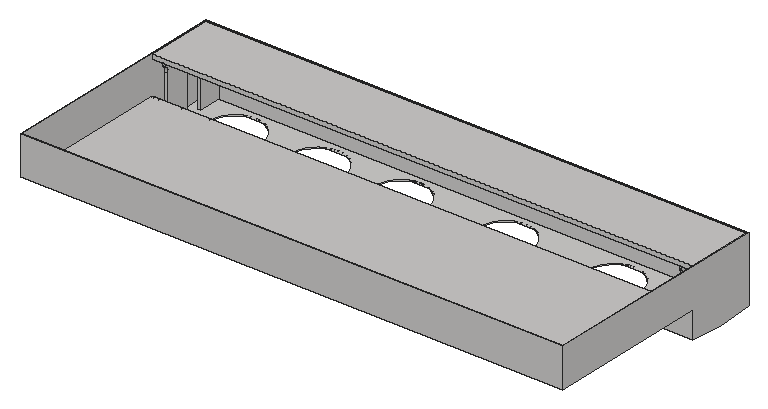
Revit family "PF_ST_RainTrak-E_ACO_2022", category Plumbing Fixtures, Revit 2022
Family settings
  Round Connector Dimension = Use Diameter
  Part Type = Normal
  OmniClass Number = 23.70.50.24
  OmniClass Title = Rainwater Removal
  Work Plane-Based = Yes
  Always vertical = No
  Cut with Voids When Loaded = Yes
  Maintain Annotation Orientation = No
  Shared = No
  Room Calculation Point = No
Parameters (values of type "RainTrak-E-123mm width")
  width_C_ANZRS [instance] = if(type_index = 1, 75 mm, if(type_index = 2, 100 mm, if(type_index = 3, 123 mm, 0 mm)))  # 123 mm
  type_index = 3
  sill_depth01 [instance] = depth_01_C_ANZRS - channel_depth - 5.3 mm  # 65 mm
  sill_depth [instance] = 70 mm
  region_index = 1  # constant formula
  product_index [instance] = size_lookup(lookup_table_name, "pi", 0, type_index, grating_index)  # 6
  product_assortment_C_ANZRS [instance] = "RainTrak"  # constant formula
  outlet_number [instance] = 5
  outlet_dia [instance] = 150 mm
  min_end_dist [instance] = length_01_C_ANZRS - diameter_calculated  # 898.4 mm
  material_C_ANZRS [instance] = Steel, Stainless
  lookup_table_name [instance] = "RainTrak E"  # constant formula
  length_01_C_ANZRS [instance] = channel_length  # 1000 mm
  gratings [instance] = gratings_RainTrak E : Affiner_grating
  grating_length [instance] = channel_length - 3 mm  # 997 mm
  grating_index [instance] = if(gratings = gm_type1, 1, if(gratings = gm_type2, 2, 0))  # 2
  gm_type2 [instance] = gratings_RainTrak E : Affiner_grating
  gm_type1 [instance] = gratings_RainTrak E : Linéaire_grating
  e-mail sales = "sales@acoaus.com.au"
  e-mail Technical = "sales@acoaus.com.au"
  drain_position_calculated_9 [instance] = if(or(outlet_number = 9, outlet_number > 9), (if(or(drain_position_9 < 0 mm, drain_position_9 = 0 mm), (drain_position_calculated_8 + (1.5 * diameter_calculated)), if(and(drain_position_9 > 0 mm, drain_position_9 < (drain_position_calculated_8 + (1.5 * diameter_calculated)) + 0.1 mm), (drain_position_calculated_8 + (1.5 * diameter_calculated)), if(and(drain_position_9 > (drain_position_calculated_8 + (1.5 * diameter_calculated)), drain_position_9 < min_end_dist + 0.1 mm), drain_position_9, if(and(drain_position_9 > (drain_position_calculated_8 + (1.5 * diameter_calculated)), drain_position_9 < length_01_C_ANZRS), min_end_dist, (if(or(drain_position_9 > length_01_C_ANZRS, drain_position_9 = length_01_C_ANZRS), min_end_dist, drain_position_9 - diameter_calculated))))))), length_01_C_ANZRS + 100 mm)  # 1100 mm
  drain_position_calculated_8 [instance] = if(or(outlet_number = 8, outlet_number > 8), (if(or(drain_position_8 < 0 mm, drain_position_8 = 0 mm), (drain_position_calculated_7 + (1.5 * diameter_calculated)), if(and(drain_position_8 > 0 mm, drain_position_8 < (drain_position_calculated_7 + (1.5 * diameter_calculated)) + 0.1 mm), (drain_position_calculated_7 + (1.5 * diameter_calculated)), if(and(drain_position_8 > (drain_position_calculated_7 + (1.5 * diameter_calculated)), drain_position_8 < min_end_dist + 0.1 mm), drain_position_8, if(and(drain_position_8 > (drain_position_calculated_7 + (1.5 * diameter_calculated)), drain_position_8 < length_01_C_ANZRS), min_end_dist, (if(or(drain_position_8 > length_01_C_ANZRS, drain_position_8 = length_01_C_ANZRS), min_end_dist, drain_position_8 - diameter_calculated))))))), length_01_C_ANZRS + 100 mm)  # 1100 mm
  drain_position_calculated_7 [instance] = if(or(outlet_number = 7, outlet_number > 7), (if(or(drain_position_7 < 0 mm, drain_position_7 = 0 mm), (drain_position_calculated_6 + (1.5 * diameter_calculated)), if(and(drain_position_7 > 0 mm, drain_position_7 < (drain_position_calculated_6 + (1.5 * diameter_calculated)) + 0.1 mm), (drain_position_calculated_6 + (1.5 * diameter_calculated)), if(and(drain_position_7 > (drain_position_calculated_6 + (1.5 * diameter_calculated)), drain_position_7 < min_end_dist + 0.1 mm), drain_position_7, if(and(drain_position_7 > (drain_position_calculated_6 + (1.5 * diameter_calculated)), drain_position_7 < length_01_C_ANZRS), min_end_dist, (if(or(drain_position_7 > length_01_C_ANZRS, drain_position_7 = length_01_C_ANZRS), min_end_dist, drain_position_7 - diameter_calculated))))))), length_01_C_ANZRS + 100 mm)  # 1100 mm
  drain_position_calculated_6 [instance] = if(or(outlet_number = 6, outlet_number > 6), (if(or(drain_position_6 < 0 mm, drain_position_6 = 0 mm), (drain_position_calculated_5 + (1.5 * diameter_calculated)), if(and(drain_position_6 > 0 mm, drain_position_6 < (drain_position_calculated_5 + (1.5 * diameter_calculated)) + 0.1 mm), (drain_position_calculated_5 + (1.5 * diameter_calculated)), if(and(drain_position_6 > (drain_position_calculated_5 + (1.5 * diameter_calculated)), drain_position_6 < min_end_dist + 0.1 mm), drain_position_6, if(and(drain_position_6 > (drain_position_calculated_5 + (1.5 * diameter_calculated)), drain_position_6 < length_01_C_ANZRS), min_end_dist, (if(or(drain_position_6 > length_01_C_ANZRS, drain_position_6 = length_01_C_ANZRS), min_end_dist, drain_position_6 - diameter_calculated))))))), length_01_C_ANZRS + 100 mm)  # 1100 mm
  drain_position_calculated_5 [instance] = if(or(outlet_number = 5, outlet_number > 5), (if(or(drain_position_5 < 0 mm, drain_position_5 = 0 mm), (drain_position_calculated_4 + (1.5 * diameter_calculated)), if(and(drain_position_5 > 0 mm, drain_position_5 < (drain_position_calculated_4 + (1.5 * diameter_calculated)) + 0.1 mm), (drain_position_calculated_4 + (1.5 * diameter_calculated)), if(and(drain_position_5 > (drain_position_calculated_4 + (1.5 * diameter_calculated)), drain_position_5 < min_end_dist + 0.1 mm), drain_position_5, if(and(drain_position_5 > (drain_position_calculated_4 + (1.5 * diameter_calculated)), drain_position_5 < length_01_C_ANZRS), min_end_dist, (if(or(drain_position_5 > length_01_C_ANZRS, drain_position_5 = length_01_C_ANZRS), min_end_dist, drain_position_5 - diameter_calculated))))))), length_01_C_ANZRS + 100 mm)  # 800 mm
  drain_position_calculated_4 [instance] = if(or(outlet_number = 4, outlet_number > 4), (if(or(drain_position_4 < 0 mm, drain_position_4 = 0 mm), (drain_position_calculated_3 + (1.5 * diameter_calculated)), if(and(drain_position_4 > 0 mm, drain_position_4 < (drain_position_calculated_3 + (1.5 * diameter_calculated)) + 0.1 mm), (drain_position_calculated_3 + (1.5 * diameter_calculated)), if(and(drain_position_4 > (drain_position_calculated_3 + (1.5 * diameter_calculated)), drain_position_4 < min_end_dist + 0.1 mm), drain_position_4, if(and(drain_position_4 > (drain_position_calculated_3 + (1.5 * diameter_calculated)), drain_position_4 < length_01_C_ANZRS), min_end_dist, (if(or(drain_position_4 > length_01_C_ANZRS, drain_position_4 = length_01_C_ANZRS), min_end_dist, drain_position_4 - diameter_calculated))))))), length_01_C_ANZRS + 100 mm)  # 600 mm
  drain_position_calculated_30 [instance] = if(or(outlet_number = 30, outlet_number > 30), (if(or(drain_position_30 < 0 mm, drain_position_30 = 0 mm), (drain_position_calculated_29 + (1.5 * diameter_calculated)), if(and(drain_position_30 > 0 mm, drain_position_30 < (drain_position_calculated_29 + (1.5 * diameter_calculated)) + 0.1 mm), (drain_position_calculated_29 + (1.5 * diameter_calculated)), if(and(drain_position_30 > (drain_position_calculated_29 + (1.5 * diameter_calculated)), drain_position_30 < min_end_dist + 0.1 mm), drain_position_30, if(and(drain_position_30 > (drain_position_calculated_29 + (1.5 * diameter_calculated)), drain_position_30 < length_01_C_ANZRS), min_end_dist, (if(or(drain_position_30 > length_01_C_ANZRS, drain_position_30 = length_01_C_ANZRS), min_end_dist, drain_position_30 - diameter_calculated))))))), length_01_C_ANZRS + 100 mm)  # 1100 mm
  drain_position_calculated_3 [instance] = if(or(outlet_number = 3, outlet_number > 3), (if(or(drain_position_3 < 0 mm, drain_position_3 = 0 mm), (drain_position_calculated_2 + (1.5 * diameter_calculated)), if(and(drain_position_3 > 0 mm, drain_position_3 < (drain_position_calculated_2 + (1.5 * diameter_calculated)) + 0.1 mm), (drain_position_calculated_2 + (1.5 * diameter_calculated)), if(and(drain_position_3 > (drain_position_calculated_2 + (1.5 * diameter_calculated)), drain_position_3 < min_end_dist + 0.1 mm), drain_position_3, if(and(drain_position_3 > (drain_position_calculated_2 + (1.5 * diameter_calculated)), drain_position_3 < length_01_C_ANZRS), min_end_dist, (if(or(drain_position_3 > length_01_C_ANZRS, drain_position_3 = length_01_C_ANZRS), min_end_dist, drain_position_3 - diameter_calculated))))))), length_01_C_ANZRS + 100 mm)  # 406.4 mm
  drain_position_calculated_29 [instance] = if(or(outlet_number = 29, outlet_number > 29), (if(or(drain_position_29 < 0 mm, drain_position_29 = 0 mm), (drain_position_calculated_28 + (1.5 * diameter_calculated)), if(and(drain_position_29 > 0 mm, drain_position_29 < (drain_position_calculated_28 + (1.5 * diameter_calculated)) + 0.1 mm), (drain_position_calculated_28 + (1.5 * diameter_calculated)), if(and(drain_position_29 > (drain_position_calculated_28 + (1.5 * diameter_calculated)), drain_position_29 < min_end_dist + 0.1 mm), drain_position_29, if(and(drain_position_29 > (drain_position_calculated_28 + (1.5 * diameter_calculated)), drain_position_29 < length_01_C_ANZRS), min_end_dist, (if(or(drain_position_29 > length_01_C_ANZRS, drain_position_29 = length_01_C_ANZRS), min_end_dist, drain_position_29 - diameter_calculated))))))), length_01_C_ANZRS + 100 mm)  # 1100 mm
  drain_position_calculated_28 [instance] = if(or(outlet_number = 28, outlet_number > 28), (if(or(drain_position_28 < 0 mm, drain_position_28 = 0 mm), (drain_position_calculated_27 + (1.5 * diameter_calculated)), if(and(drain_position_28 > 0 mm, drain_position_28 < (drain_position_calculated_27 + (1.5 * diameter_calculated)) + 0.1 mm), (drain_position_calculated_27 + (1.5 * diameter_calculated)), if(and(drain_position_28 > (drain_position_calculated_27 + (1.5 * diameter_calculated)), drain_position_28 < min_end_dist + 0.1 mm), drain_position_28, if(and(drain_position_28 > (drain_position_calculated_27 + (1.5 * diameter_calculated)), drain_position_28 < length_01_C_ANZRS), min_end_dist, (if(or(drain_position_28 > length_01_C_ANZRS, drain_position_28 = length_01_C_ANZRS), min_end_dist, drain_position_28 - diameter_calculated))))))), length_01_C_ANZRS + 100 mm)  # 1100 mm
  drain_position_calculated_27 [instance] = if(or(outlet_number = 27, outlet_number > 27), (if(or(drain_position_27 < 0 mm, drain_position_27 = 0 mm), (drain_position_calculated_26 + (1.5 * diameter_calculated)), if(and(drain_position_27 > 0 mm, drain_position_27 < (drain_position_calculated_26 + (1.5 * diameter_calculated)) + 0.1 mm), (drain_position_calculated_26 + (1.5 * diameter_calculated)), if(and(drain_position_27 > (drain_position_calculated_26 + (1.5 * diameter_calculated)), drain_position_27 < min_end_dist + 0.1 mm), drain_position_27, if(and(drain_position_27 > (drain_position_calculated_26 + (1.5 * diameter_calculated)), drain_position_27 < length_01_C_ANZRS), min_end_dist, (if(or(drain_position_27 > length_01_C_ANZRS, drain_position_27 = length_01_C_ANZRS), min_end_dist, drain_position_27 - diameter_calculated))))))), length_01_C_ANZRS + 100 mm)  # 1100 mm
  drain_position_calculated_26 [instance] = if(or(outlet_number = 26, outlet_number > 26), (if(or(drain_position_26 < 0 mm, drain_position_26 = 0 mm), (drain_position_calculated_25 + (1.5 * diameter_calculated)), if(and(drain_position_26 > 0 mm, drain_position_26 < (drain_position_calculated_25 + (1.5 * diameter_calculated)) + 0.1 mm), (drain_position_calculated_25 + (1.5 * diameter_calculated)), if(and(drain_position_26 > (drain_position_calculated_25 + (1.5 * diameter_calculated)), drain_position_26 < min_end_dist + 0.1 mm), drain_position_26, if(and(drain_position_26 > (drain_position_calculated_25 + (1.5 * diameter_calculated)), drain_position_26 < length_01_C_ANZRS), min_end_dist, (if(or(drain_position_26 > length_01_C_ANZRS, drain_position_26 = length_01_C_ANZRS), min_end_dist, drain_position_26 - diameter_calculated))))))), length_01_C_ANZRS + 100 mm)  # 1100 mm
  drain_position_calculated_25 [instance] = if(or(outlet_number = 25, outlet_number > 25), (if(or(drain_position_25 < 0 mm, drain_position_25 = 0 mm), (drain_position_calculated_24 + (1.5 * diameter_calculated)), if(and(drain_position_25 > 0 mm, drain_position_25 < (drain_position_calculated_24 + (1.5 * diameter_calculated)) + 0.1 mm), (drain_position_calculated_24 + (1.5 * diameter_calculated)), if(and(drain_position_25 > (drain_position_calculated_24 + (1.5 * diameter_calculated)), drain_position_25 < min_end_dist + 0.1 mm), drain_position_25, if(and(drain_position_25 > (drain_position_calculated_24 + (1.5 * diameter_calculated)), drain_position_25 < length_01_C_ANZRS), min_end_dist, (if(or(drain_position_25 > length_01_C_ANZRS, drain_position_25 = length_01_C_ANZRS), min_end_dist, drain_position_25 - diameter_calculated))))))), length_01_C_ANZRS + 100 mm)  # 1100 mm
  drain_position_calculated_24 [instance] = if(or(outlet_number = 24, outlet_number > 24), (if(or(drain_position_24 < 0 mm, drain_position_24 = 0 mm), (drain_position_calculated_23 + (1.5 * diameter_calculated)), if(and(drain_position_24 > 0 mm, drain_position_24 < (drain_position_calculated_23 + (1.5 * diameter_calculated)) + 0.1 mm), (drain_position_calculated_23 + (1.5 * diameter_calculated)), if(and(drain_position_24 > (drain_position_calculated_23 + (1.5 * diameter_calculated)), drain_position_24 < min_end_dist + 0.1 mm), drain_position_24, if(and(drain_position_24 > (drain_position_calculated_23 + (1.5 * diameter_calculated)), drain_position_24 < length_01_C_ANZRS), min_end_dist, (if(or(drain_position_24 > length_01_C_ANZRS, drain_position_24 = length_01_C_ANZRS), min_end_dist, drain_position_24 - diameter_calculated))))))), length_01_C_ANZRS + 100 mm)  # 1100 mm
  drain_position_calculated_23 [instance] = if(or(outlet_number = 23, outlet_number > 23), (if(or(drain_position_23 < 0 mm, drain_position_23 = 0 mm), (drain_position_calculated_22 + (1.5 * diameter_calculated)), if(and(drain_position_23 > 0 mm, drain_position_23 < (drain_position_calculated_22 + (1.5 * diameter_calculated)) + 0.1 mm), (drain_position_calculated_22 + (1.5 * diameter_calculated)), if(and(drain_position_23 > (drain_position_calculated_22 + (1.5 * diameter_calculated)), drain_position_23 < min_end_dist + 0.1 mm), drain_position_23, if(and(drain_position_23 > (drain_position_calculated_22 + (1.5 * diameter_calculated)), drain_position_23 < length_01_C_ANZRS), min_end_dist, (if(or(drain_position_23 > length_01_C_ANZRS, drain_position_23 = length_01_C_ANZRS), min_end_dist, drain_position_23 - diameter_calculated))))))), length_01_C_ANZRS + 100 mm)  # 1100 mm
  drain_position_calculated_22 [instance] = if(or(outlet_number = 22, outlet_number > 22), (if(or(drain_position_22 < 0 mm, drain_position_22 = 0 mm), (drain_position_calculated_21 + (1.5 * diameter_calculated)), if(and(drain_position_22 > 0 mm, drain_position_22 < (drain_position_calculated_21 + (1.5 * diameter_calculated)) + 0.1 mm), (drain_position_calculated_21 + (1.5 * diameter_calculated)), if(and(drain_position_22 > (drain_position_calculated_21 + (1.5 * diameter_calculated)), drain_position_22 < min_end_dist + 0.1 mm), drain_position_22, if(and(drain_position_22 > (drain_position_calculated_21 + (1.5 * diameter_calculated)), drain_position_22 < length_01_C_ANZRS), min_end_dist, (if(or(drain_position_22 > length_01_C_ANZRS, drain_position_22 = length_01_C_ANZRS), min_end_dist, drain_position_22 - diameter_calculated))))))), length_01_C_ANZRS + 100 mm)  # 1100 mm
  drain_position_calculated_21 [instance] = if(or(outlet_number = 21, outlet_number > 21), (if(or(drain_position_21 < 0 mm, drain_position_21 = 0 mm), (drain_position_calculated_20 + (1.5 * diameter_calculated)), if(and(drain_position_21 > 0 mm, drain_position_21 < (drain_position_calculated_20 + (1.5 * diameter_calculated)) + 0.1 mm), (drain_position_calculated_20 + (1.5 * diameter_calculated)), if(and(drain_position_21 > (drain_position_calculated_20 + (1.5 * diameter_calculated)), drain_position_21 < min_end_dist + 0.1 mm), drain_position_21, if(and(drain_position_21 > (drain_position_calculated_20 + (1.5 * diameter_calculated)), drain_position_21 < length_01_C_ANZRS), min_end_dist, (if(or(drain_position_21 > length_01_C_ANZRS, drain_position_21 = length_01_C_ANZRS), min_end_dist, drain_position_21 - diameter_calculated))))))), length_01_C_ANZRS + 100 mm)  # 1100 mm
  drain_position_calculated_20 [instance] = if(or(outlet_number = 20, outlet_number > 20), (if(or(drain_position_20 < 0 mm, drain_position_20 = 0 mm), (drain_position_calculated_19 + (1.5 * diameter_calculated)), if(and(drain_position_20 > 0 mm, drain_position_20 < (drain_position_calculated_19 + (1.5 * diameter_calculated)) + 0.1 mm), (drain_position_calculated_19 + (1.5 * diameter_calculated)), if(and(drain_position_20 > (drain_position_calculated_19 + (1.5 * diameter_calculated)), drain_position_20 < min_end_dist + 0.1 mm), drain_position_20, if(and(drain_position_20 > (drain_position_calculated_19 + (1.5 * diameter_calculated)), drain_position_20 < length_01_C_ANZRS), min_end_dist, (if(or(drain_position_20 > length_01_C_ANZRS, drain_position_20 = length_01_C_ANZRS), min_end_dist, drain_position_20 - diameter_calculated))))))), length_01_C_ANZRS + 100 mm)  # 1100 mm
  drain_position_calculated_2 [instance] = if(or(outlet_number = 2, outlet_number > 2), (if(or(drain_position_2 < 0 mm, drain_position_2 = 0 mm), (drain_position_calculated_1 + (1.5 * diameter_calculated)), if(and(drain_position_2 > 0 mm, drain_position_2 < (drain_position_calculated_1 + (1.5 * diameter_calculated)) + 0.1 mm), (drain_position_calculated_1 + (1.5 * diameter_calculated)), if(and(drain_position_2 > (drain_position_calculated_1 + (1.5 * diameter_calculated)), drain_position_2 < min_end_dist + 0.1 mm), drain_position_2, if(and(drain_position_2 > (drain_position_calculated_1 + (1.5 * diameter_calculated)), drain_position_2 < length_01_C_ANZRS), min_end_dist, (if(or(drain_position_2 > length_01_C_ANZRS, drain_position_2 = length_01_C_ANZRS), min_end_dist, drain_position_2 - diameter_calculated))))))), length_01_C_ANZRS + 100 mm)  # 254 mm
  drain_position_calculated_19 [instance] = if(or(outlet_number = 19, outlet_number > 19), (if(or(drain_position_19 < 0 mm, drain_position_19 = 0 mm), (drain_position_calculated_18 + (1.5 * diameter_calculated)), if(and(drain_position_19 > 0 mm, drain_position_19 < (drain_position_calculated_18 + (1.5 * diameter_calculated)) + 0.1 mm), (drain_position_calculated_18 + (1.5 * diameter_calculated)), if(and(drain_position_19 > (drain_position_calculated_18 + (1.5 * diameter_calculated)), drain_position_19 < min_end_dist + 0.1 mm), drain_position_19, if(and(drain_position_19 > (drain_position_calculated_18 + (1.5 * diameter_calculated)), drain_position_19 < length_01_C_ANZRS), min_end_dist, (if(or(drain_position_19 > length_01_C_ANZRS, drain_position_19 = length_01_C_ANZRS), min_end_dist, drain_position_19 - diameter_calculated))))))), length_01_C_ANZRS + 100 mm)  # 1100 mm
  drain_position_calculated_18 [instance] = if(or(outlet_number = 18, outlet_number > 18), (if(or(drain_position_18 < 0 mm, drain_position_18 = 0 mm), (drain_position_calculated_17 + (1.5 * diameter_calculated)), if(and(drain_position_18 > 0 mm, drain_position_18 < (drain_position_calculated_17 + (1.5 * diameter_calculated)) + 0.1 mm), (drain_position_calculated_17 + (1.5 * diameter_calculated)), if(and(drain_position_18 > (drain_position_calculated_17 + (1.5 * diameter_calculated)), drain_position_18 < min_end_dist + 0.1 mm), drain_position_18, if(and(drain_position_18 > (drain_position_calculated_17 + (1.5 * diameter_calculated)), drain_position_18 < length_01_C_ANZRS), min_end_dist, (if(or(drain_position_18 > length_01_C_ANZRS, drain_position_18 = length_01_C_ANZRS), min_end_dist, drain_position_18 - diameter_calculated))))))), length_01_C_ANZRS + 100 mm)  # 1100 mm
  drain_position_calculated_17 [instance] = if(or(outlet_number = 17, outlet_number > 17), (if(or(drain_position_17 < 0 mm, drain_position_17 = 0 mm), (drain_position_calculated_16 + (1.5 * diameter_calculated)), if(and(drain_position_17 > 0 mm, drain_position_17 < (drain_position_calculated_16 + (1.5 * diameter_calculated)) + 0.1 mm), (drain_position_calculated_16 + (1.5 * diameter_calculated)), if(and(drain_position_17 > (drain_position_calculated_16 + (1.5 * diameter_calculated)), drain_position_17 < min_end_dist + 0.1 mm), drain_position_17, if(and(drain_position_17 > (drain_position_calculated_16 + (1.5 * diameter_calculated)), drain_position_17 < length_01_C_ANZRS), min_end_dist, (if(or(drain_position_17 > length_01_C_ANZRS, drain_position_17 = length_01_C_ANZRS), min_end_dist, drain_position_17 - diameter_calculated))))))), length_01_C_ANZRS + 100 mm)  # 1100 mm
  drain_position_calculated_16 [instance] = if(or(outlet_number = 16, outlet_number > 16), (if(or(drain_position_16 < 0 mm, drain_position_16 = 0 mm), (drain_position_calculated_15 + (1.5 * diameter_calculated)), if(and(drain_position_16 > 0 mm, drain_position_16 < (drain_position_calculated_15 + (1.5 * diameter_calculated)) + 0.1 mm), (drain_position_calculated_15 + (1.5 * diameter_calculated)), if(and(drain_position_16 > (drain_position_calculated_15 + (1.5 * diameter_calculated)), drain_position_16 < min_end_dist + 0.1 mm), drain_position_16, if(and(drain_position_16 > (drain_position_calculated_15 + (1.5 * diameter_calculated)), drain_position_16 < length_01_C_ANZRS), min_end_dist, (if(or(drain_position_16 > length_01_C_ANZRS, drain_position_16 = length_01_C_ANZRS), min_end_dist, drain_position_16 - diameter_calculated))))))), length_01_C_ANZRS + 100 mm)  # 1100 mm
  drain_position_calculated_15 [instance] = if(or(outlet_number = 15, outlet_number > 15), (if(or(drain_position_15 < 0 mm, drain_position_15 = 0 mm), (drain_position_calculated_14 + (1.5 * diameter_calculated)), if(and(drain_position_15 > 0 mm, drain_position_15 < (drain_position_calculated_14 + (1.5 * diameter_calculated)) + 0.1 mm), (drain_position_calculated_14 + (1.5 * diameter_calculated)), if(and(drain_position_15 > (drain_position_calculated_14 + (1.5 * diameter_calculated)), drain_position_15 < min_end_dist + 0.1 mm), drain_position_15, if(and(drain_position_15 > (drain_position_calculated_14 + (1.5 * diameter_calculated)), drain_position_15 < length_01_C_ANZRS), min_end_dist, (if(or(drain_position_15 > length_01_C_ANZRS, drain_position_15 = length_01_C_ANZRS), min_end_dist, drain_position_15 - diameter_calculated))))))), length_01_C_ANZRS + 100 mm)  # 1100 mm
  drain_position_calculated_14 [instance] = if(or(outlet_number = 14, outlet_number > 14), (if(or(drain_position_14 < 0 mm, drain_position_14 = 0 mm), (drain_position_calculated_13 + (1.5 * diameter_calculated)), if(and(drain_position_14 > 0 mm, drain_position_14 < (drain_position_calculated_13 + (1.5 * diameter_calculated)) + 0.1 mm), (drain_position_calculated_13 + (1.5 * diameter_calculated)), if(and(drain_position_14 > (drain_position_calculated_13 + (1.5 * diameter_calculated)), drain_position_14 < min_end_dist + 0.1 mm), drain_position_14, if(and(drain_position_14 > (drain_position_calculated_13 + (1.5 * diameter_calculated)), drain_position_14 < length_01_C_ANZRS), min_end_dist, (if(or(drain_position_14 > length_01_C_ANZRS, drain_position_14 = length_01_C_ANZRS), min_end_dist, drain_position_14 - diameter_calculated))))))), length_01_C_ANZRS + 100 mm)  # 1100 mm
  drain_position_calculated_13 [instance] = if(or(outlet_number = 13, outlet_number > 13), (if(or(drain_position_13 < 0 mm, drain_position_13 = 0 mm), (drain_position_calculated_12 + (1.5 * diameter_calculated)), if(and(drain_position_13 > 0 mm, drain_position_13 < (drain_position_calculated_12 + (1.5 * diameter_calculated)) + 0.1 mm), (drain_position_calculated_12 + (1.5 * diameter_calculated)), if(and(drain_position_13 > (drain_position_calculated_12 + (1.5 * diameter_calculated)), drain_position_13 < min_end_dist + 0.1 mm), drain_position_13, if(and(drain_position_13 > (drain_position_calculated_12 + (1.5 * diameter_calculated)), drain_position_13 < length_01_C_ANZRS), min_end_dist, (if(or(drain_position_13 > length_01_C_ANZRS, drain_position_13 = length_01_C_ANZRS), min_end_dist, drain_position_13 - diameter_calculated))))))), length_01_C_ANZRS + 100 mm)  # 1100 mm
  drain_position_calculated_12 [instance] = if(or(outlet_number = 12, outlet_number > 12), (if(or(drain_position_12 < 0 mm, drain_position_12 = 0 mm), (drain_position_calculated_11 + (1.5 * diameter_calculated)), if(and(drain_position_12 > 0 mm, drain_position_12 < (drain_position_calculated_11 + (1.5 * diameter_calculated)) + 0.1 mm), (drain_position_calculated_11 + (1.5 * diameter_calculated)), if(and(drain_position_12 > (drain_position_calculated_11 + (1.5 * diameter_calculated)), drain_position_12 < min_end_dist + 0.1 mm), drain_position_12, if(and(drain_position_12 > (drain_position_calculated_11 + (1.5 * diameter_calculated)), drain_position_12 < length_01_C_ANZRS), min_end_dist, (if(or(drain_position_12 > length_01_C_ANZRS, drain_position_12 = length_01_C_ANZRS), min_end_dist, drain_position_12 - diameter_calculated))))))), length_01_C_ANZRS + 100 mm)  # 1100 mm
  drain_position_calculated_11 [instance] = if(or(outlet_number = 11, outlet_number > 11), (if(or(drain_position_11 < 0 mm, drain_position_11 = 0 mm), (drain_position_calculated_10 + (1.5 * diameter_calculated)), if(and(drain_position_11 > 0 mm, drain_position_11 < (drain_position_calculated_10 + (1.5 * diameter_calculated)) + 0.1 mm), (drain_position_calculated_10 + (1.5 * diameter_calculated)), if(and(drain_position_11 > (drain_position_calculated_10 + (1.5 * diameter_calculated)), drain_position_11 < min_end_dist + 0.1 mm), drain_position_11, if(and(drain_position_11 > (drain_position_calculated_10 + (1.5 * diameter_calculated)), drain_position_11 < length_01_C_ANZRS), min_end_dist, (if(or(drain_position_11 > length_01_C_ANZRS, drain_position_11 = length_01_C_ANZRS), min_end_dist, drain_position_11 - diameter_calculated))))))), length_01_C_ANZRS + 100 mm)  # 1100 mm
  drain_position_calculated_10 [instance] = if(or(outlet_number = 10, outlet_number > 10), (if(or(drain_position_10 < 0 mm, drain_position_10 = 0 mm), (drain_position_calculated_9 + (1.5 * diameter_calculated)), if(and(drain_position_10 > 0 mm, drain_position_10 < (drain_position_calculated_9 + (1.5 * diameter_calculated)) + 0.1 mm), (drain_position_calculated_9 + (1.5 * diameter_calculated)), if(and(drain_position_10 > (drain_position_calculated_9 + (1.5 * diameter_calculated)), drain_position_10 < min_end_dist + 0.1 mm), drain_position_10, if(and(drain_position_10 > (drain_position_calculated_9 + (1.5 * diameter_calculated)), drain_position_10 < length_01_C_ANZRS), min_end_dist, (if(or(drain_position_10 > length_01_C_ANZRS, drain_position_10 = length_01_C_ANZRS), min_end_dist, drain_position_10 - diameter_calculated))))))), length_01_C_ANZRS + 100 mm)  # 1100 mm
  drain_position_calculated_1 [instance] = (if(or(drain_position_1 < 0 mm, drain_position_1 = 0 mm), diameter_calculated, if(and(drain_position_1 > 0 mm, drain_position_1 < diameter_calculated + 0.1 mm), diameter_calculated, if(and(drain_position_1 > diameter_calculated, drain_position_1 < min_end_dist + 0.1 mm), drain_position_1, if(and(drain_position_1 > diameter_calculated, drain_position_1 < length_01_C_ANZRS), min_end_dist, (if(or(drain_position_1 > length_01_C_ANZRS, drain_position_1 = length_01_C_ANZRS), min_end_dist, drain_position_1 - diameter_calculated)))))))  # 101.6 mm
  drain_position_9 [instance] = 1600 mm
  drain_position_8 [instance] = 1400 mm
  drain_position_7 [instance] = 1200 mm
  drain_position_6 [instance] = 1000 mm
  drain_position_5 [instance] = 800 mm
  drain_position_4 [instance] = 600 mm
  drain_position_30 [instance] = 5800 mm
  drain_position_3 [instance] = 400 mm
  drain_position_29 [instance] = 5600 mm
  drain_position_28 [instance] = 5400 mm
  drain_position_27 [instance] = 5200 mm
  drain_position_26 [instance] = 5000 mm
  drain_position_25 [instance] = 4800 mm
  drain_position_24 [instance] = 4600 mm
  drain_position_23 [instance] = 4400 mm
  drain_position_22 [instance] = 4200 mm
  drain_position_21 [instance] = 4000 mm
  drain_position_20 [instance] = 3800 mm
  drain_position_2 [instance] = 200 mm
  drain_position_19 [instance] = 3600 mm
  drain_position_18 [instance] = 3400 mm
  drain_position_17 [instance] = 3200 mm
  drain_position_16 [instance] = 3000 mm
  drain_position_15 [instance] = 2800 mm
  drain_position_14 [instance] = 2600 mm
  drain_position_13 [instance] = 2400 mm
  drain_position_12 [instance] = 2200 mm
  drain_position_11 [instance] = 2000 mm
  drain_position_10 [instance] = 1800 mm
  d6 = 101.6 mm  # constant formula
  d5 = 88.9 mm  # constant formula
  d4 = 76.2 mm  # constant formula
  d1 = 38.1 mm  # constant formula
  d2 = 50.8 mm  # constant formula
  d3 = 63.5 mm  # constant formula
  diameter_calculated [instance] = if(type_index = 1, D1_calculated, if(type_index = 2, D2_calculated, if(type_index = 3, D3_calculated, D3_calculated)))  # 101.6 mm
  WARNING! [instance] = "Position of the maximum number of outlet should not exceed the length of the channel"  # constant formula
  NOTE [instance] = "Position of the additional outlet is always towards the right side of the previous outlet"  # constant formula
  Default Elevation = 1219.2 mm
  D1_calculated [instance] = if(or(outlet_dia < d1, outlet_dia = d1), d1, if(and(outlet_dia > d1, outlet_dia < d2), d2, if(or(outlet_dia < d2, outlet_dia = d2), d2, if(and(outlet_dia > d2, outlet_dia < d3), d3, if(and(outlet_dia > d3, outlet_dia < d4), d3, if(or(outlet_dia = d3, outlet_dia > d3), d3, d3))))))  # 63.5 mm
  D2_calculated [instance] = if(or(outlet_dia < d1, outlet_dia = d1), d1, if(and(outlet_dia > d1, outlet_dia < d2), d2, if(or(outlet_dia < d2, outlet_dia = d2), d2, if(and(outlet_dia > d2, outlet_dia < d3), d3, if(or(outlet_dia < d3, outlet_dia = d3), d3, if(and(outlet_dia > d3, outlet_dia < d4), d4, if(or(outlet_dia < d4, outlet_dia = d4), d4, if(and(outlet_dia > d4, outlet_dia < d5), d5, if(or(outlet_dia < d5, outlet_dia = d5), d5, d5)))))))))  # 88.9 mm
  D3_calculated [instance] = if(or(outlet_dia < d1, outlet_dia = d1), d1, if(and(outlet_dia > d1, outlet_dia < d2), d2, if(or(outlet_dia < d2, outlet_dia = d2), d2, if(and(outlet_dia > d2, outlet_dia < d3), d3, if(or(outlet_dia < d3, outlet_dia = d3), d3, if(and(outlet_dia > d3, outlet_dia < d4), d4, if(or(outlet_dia < d4, outlet_dia = d4), d4, if(and(outlet_dia > d4, outlet_dia < d5), d5, if(or(outlet_dia < d5, outlet_dia = d5), d5, if(and(outlet_dia > d5, outlet_dia < d6), d6, if(or(outlet_dia = d6, outlet_dia > d6), d6, d6)))))))))))  # 101.6 mm
  description_C_ANZRS [instance] = if(product_index = 1, "ACO RainTrak-E 75mm wide with Linéaire grate (nominal)", if(product_index = 2, "ACO RainTrak-E 75mm wide with Affiner grate (nominal)", if(product_index = 3, "ACO RainTrak-E 100mm wide with Linéaire grate (nominal)", if(product_index = 4, "ACO RainTrak-E 100mm wide with Affiner grate (nominal)", if(product_index = 5, "ACO RainTrak-E 123mm wide with Linéaire grate (nominal)", if(product_index = 6, "ACO RainTrak-E 123mm wide with Affiner grate (nominal)", "Not available"))))))  # "ACO RainTrak-E 123mm wide with Affiner grate (nominal)"
  depth_calculated02 [instance] = if(or(sill_depth < 20 mm, sill_depth = 20 mm), 20 mm, if(and(sill_depth > 20 mm, sill_depth < 71 mm), sill_depth, if(or(sill_depth = 70 mm, sill_depth > 70 mm), 70 mm, 70 mm)))  # 70 mm
  depth_calculated01 [instance] = if(or(channel_depth < 20 mm, channel_depth = 20 mm), 20 mm, if(and(channel_depth > 20 mm, channel_depth < 51 mm), channel_depth, if(or(channel_depth = 50 mm, channel_depth > 50 mm), 50 mm, 50 mm)))  # 50 mm
  depth_03_C_ANZRS [instance] = depth_calculated02  # 70 mm
  depth_02_C_ANZRS [instance] = depth_calculated01  # 50 mm
  depth_01_C_ANZRS [instance] = depth_03_C_ANZRS + depth_02_C_ANZRS + 5.3 mm  # 125.3 mm
  content_date_changed_C_ANZRS = ""
  content_creator_C_ANZRS = "ACO Technology Centre, INDIA"  # constant formula
  code_article_C_ANZRS [instance] = size_lookup(lookup_table_name, "", "Not available", type_index, grating_index)  # "RTE123A"
  channel_length [instance] = 1000 mm
  channel_depth [instance] = 55 mm
  Product_page_URL = "http://www.acobuildline.com.au/products/product-range-overview/raintrak/"
  Product_brochure = "http://www.acobuildline.com.au/product-support/downloads"
  Maintenance guidelines = "http://www.acobuildline.com.au/product-support/downloads"
  sill_length [instance] = 1000 mm
  sill_length_calculated [instance] = if(or(sill_length < 100 mm, sill_length = 100 mm), 100 mm, if(and(sill_length > 100 mm, sill_length < 301 mm), sill_length, if(or(sill_length = 300 mm, sill_length > 300 mm), 300 mm, 300 mm)))  # 300 mm
  Installation guidelines = "http://www.acobuildline.com.au/product-support/downloads"
  drain_position_1 [instance] = 0 mm
  URL = "www.acobuildline.com.au"
  Telephone = " +61 2 4747 4000"  # constant formula
  Model = "RainTrak"  # constant formula
  Manufacturer = "ACO Pty Ltd"  # constant formula
  IfcExportType = "USERDEFINED"  # constant formula
  IfcExportAs = "IfcWasteTerminalType"  # constant formula
  IfcDescription = Description  # "Threshold door drainage"
  Fax = " +61 2 4747 4040"  # constant formula
  Description = "Threshold door drainage"  # constant formula
  Assembly Code = "D2040300"
  Address = "134-140 Old Bathurst Road, Emu Plains, NSW 2750, Australia"  # constant formula
Reference planes
  plane 1 "Center (Front/Back)": y = 0
  plane 2: z = 0
  plane 3 "Center (Left/Right)": x = 0
  plane 4: y = 61.5
  plane 5: y = -61.5
  plane 6 "connector_plane": z = -125.3
  plane 7: x = 1000
  plane 8: x = 1000
  plane 9: z = -70
  plane 10: y = -361.5
Forms (mm)
  Extrusion 1, void
    sketch origin (0, 0, -125.3) x (0, 1, 0) y (-1, 0, 0)
      loop
        circle (0.121, -101.6) r 50.8
    from 4.179 to 0
  Extrusion 2, solid, material "Steel, Stainless" <- "material_C_ANZRS"
    sketch origin (0, 0, 0.441) x (0, 1, 0) y (0, 0, 1)
      loop
        line (63.5, -0.441) -> (61.5, -0.441) -> (61.5, -120.596) -> (0, -124.534) -> (-61.5, -120.441) -> (-61.5, -70.441) -> (-361.5, -70.441) -> (-361.5, -0.441) -> (-363.5, -0.441) -> (-363.5, -71.941) -> (-63.721, -71.941) -> (-63.721, -121.562) -> (0, -125.741) -> (63.5, -121.593) -> (63.5, -0.441)
    from 0 to 1000
  Extrusion 3, solid, material "Steel, Stainless" <- "material_C_ANZRS"
    sketch origin (0, 0, 0) x (0, 1, 0) y (0, 0, 1)
      loop
        line (61.5, -120.155) -> (61.5, 0) -> (-361.5, 0) -> (-361.5, -70) -> (-61.5, -70) -> (-61.5, -120) -> (0, -124.093) -> (61.5, -120.155)
    from 0 to 1.5
  Extrusion 4, solid, material "Steel, Stainless" <- "material_C_ANZRS"
    sketch origin (0, 0, 0) x (0, 1, 0) y (0, 0, 1)
      loop
        line (61.5, -120.155) -> (61.5, 0) -> (-361.5, 0) -> (-361.5, -70) -> (-61.5, -70) -> (-61.5, -120) -> (0, -124.093) -> (61.5, -120.155)
    from 998.5 to 1000
  Extrusion 5, void
    sketch origin (0, 0, -125.3) x (0, 1, 0) y (-1, 0, 0)
      loop
        circle (0, -254) r 50.8
    from 0 to 4.179
  Extrusion 6, void
    sketch origin (0, 0, -125.3) x (0, 1, 0) y (-1, 0, 0)
      loop
        circle (0, -406.4) r 50.8
    from 0 to 4.179
  Extrusion 7, void
    sketch origin (0, 0, -125.3) x (0, 1, 0) y (-1, 0, 0)
      loop
        circle (0, -600) r 50.8
    from 0 to 4.179
  Extrusion 8, void
    sketch origin (0, 0, -125.3) x (0, 1, 0) y (-1, 0, 0)
      loop
        circle (0, -800) r 50.8
    from 0 to 4.179
  Extrusion 9, void
    sketch origin (0, 0, -125.3) x (0, 1, 0) y (-1, 0, 0)
      loop
        circle (0, -1100) r 50.8
    from 0 to 4.179
  Extrusion 10, void
    sketch origin (0, 0, -125.3) x (0, 1, 0) y (-1, 0, 0)
      loop
        circle (0, -1100) r 50.8
    from 0 to 4.179
  Extrusion 11, void
    sketch origin (0, 0, -125.3) x (0, 1, 0) y (-1, 0, 0)
      loop
        circle (0, -1100) r 50.8
    from 0 to 4.179
  Extrusion 12, void
    sketch origin (0, 0, -125.3) x (0, 1, 0) y (-1, 0, 0)
      loop
        circle (0, -1100) r 50.8
    from 0 to 4.179
  Extrusion 13, void
    sketch origin (0, 0, -125.3) x (0, 1, 0) y (-1, 0, 0)
      loop
        circle (0, -1100) r 50.8
    from 0 to 4.179
  Extrusion 14, void
    sketch origin (0, 0, -125.3) x (0, 1, 0) y (-1, 0, 0)
      loop
        circle (0, -1100) r 50.8
    from 0 to 4.179
  Extrusion 15, void
    sketch origin (0, 0, -125.3) x (0, 1, 0) y (-1, 0, 0)
      loop
        circle (0, -1100) r 50.8
    from 0 to 4.179
  Extrusion 16, void
    sketch origin (0, 0, -125.3) x (0, 1, 0) y (-1, 0, 0)
      loop
        circle (0, -1100) r 50.8
    from 0 to 4.179
  Extrusion 17, void
    sketch origin (0, 0, -125.3) x (0, 1, 0) y (-1, 0, 0)
      loop
        circle (0, -1100) r 50.8
    from 0 to 4.179
  Extrusion 18, void
    sketch origin (0, 0, -125.3) x (0, 1, 0) y (-1, 0, 0)
      loop
        circle (0, -1100) r 50.8
    from 0 to 4.179
  Extrusion 19, void
    sketch origin (0, 0, -125.3) x (0, 1, 0) y (-1, 0, 0)
      loop
        circle (0, -1100) r 50.8
    from 0 to 4.179
  Extrusion 20, void
    sketch origin (0, 0, -125.3) x (0, 1, 0) y (-1, 0, 0)
      loop
        circle (0, -1100) r 50.8
    from 0 to 4.179
  Extrusion 21, void
    sketch origin (0, 0, -125.3) x (0, 1, 0) y (-1, 0, 0)
      loop
        circle (0, -1100) r 50.8
    from 0 to 4.179
  Extrusion 22, void
    sketch origin (0, 0, -125.3) x (0, 1, 0) y (-1, 0, 0)
      loop
        circle (0, -1100) r 50.8
    from 0 to 4.179
  Extrusion 23, void
    sketch origin (1370.671, 0, 0) x (1, 0, 0) y (0, 1, 0)
      loop
        circle (-270.671, 0) r 50.8
    from -125.3 to -121.121
  Extrusion 24, void
    sketch origin (0, 0, -125.3) x (0, 1, 0) y (-1, 0, 0)
      loop
        circle (0, -1100) r 50.8
    from 0 to 4.179
  Extrusion 25, void
    sketch origin (0, 0, -125.3) x (0, 1, 0) y (-1, 0, 0)
      loop
        circle (0, -1100) r 50.8
    from 0 to 4.179
  Extrusion 26, void
    sketch origin (0, 0, -125.3) x (0, 1, 0) y (-1, 0, 0)
      loop
        circle (0, -1100) r 50.8
    from 0 to 4.179
  Extrusion 27, void
    sketch origin (0, 0, -125.3) x (0, 1, 0) y (-1, 0, 0)
      loop
        circle (0, -1100) r 50.8
    from 0 to 4.179
  Extrusion 28, void
    sketch origin (0, 0, -125.3) x (0, 1, 0) y (-1, 0, 0)
      loop
        circle (0, -1100) r 50.8
    from 0 to 4.179
  Extrusion 29, void
    sketch origin (0, 0, -125.3) x (0, 1, 0) y (-1, 0, 0)
      loop
        circle (0, -1100) r 50.8
    from 0 to 4.179
  Extrusion 30, void
    sketch origin (0, 0, -125.3) x (0, 1, 0) y (-1, 0, 0)
      loop
        circle (0, -1100) r 50.8
    from 0 to 4.179
  Extrusion 31, void
    sketch origin (0, 0, -125.3) x (0, 1, 0) y (-1, 0, 0)
      loop
        circle (0, -1100) r 50.8
    from 0 to 4.179
  Extrusion 32, void
    sketch origin (0, 0, -125.3) x (0, 1, 0) y (-1, 0, 0)
      loop
        circle (0, -1100) r 50.8
    from 0 to 4.179
  Extrusion 33, void
    sketch origin (0, 0, -125.3) x (0, 1, 0) y (-1, 0, 0)
      loop
        circle (0, -1100) r 50.8
    from 0 to 4.179
  Extrusion 34, void
    sketch origin (60, -140, 0) x (1, 0, 0) y (0, 1, 0)
      loop
        line (-60, 203.5) -> (-60, -223.5) -> (940, -223.5) -> (940, 203.5) -> (-60, 203.5)
    from -125.3 to 0
Cuts and joins
  Extrusion 1, Extrusion 5, Extrusion 6, Extrusion 7, Extrusion 8, Extrusion 9, Extrusion 10, Extrusion 11, Extrusion 12, Extrusion 13, Extrusion 14, Extrusion 15, Extrusion 16, Extrusion 17, Extrusion 18, Extrusion 19, Extrusion 20, Extrusion 21, Extrusion 22, Extrusion 23, Extrusion 24, Extrusion 25, Extrusion 26, Extrusion 27, Extrusion 28, Extrusion 29, Extrusion 30, Extrusion 31, Extrusion 32, Extrusion 33 cuts Extrusion 2
  Extrusion 6, Extrusion 7, Extrusion 8, Extrusion 9, Extrusion 10 cuts Extrusion 3
  Extrusion 6, Extrusion 7, Extrusion 8, Extrusion 9, Extrusion 10 cuts Extrusion 4
  joined: Extrusion 2, Extrusion 3, Extrusion 4
Lines and regions (mm)
  reference lines
    curve 1: line (101.6, 0, -125.3) -> (101.6, 0, -110.3)
    curve 2: line (406.4, 0, -125.3) -> (406.4, 0, -110.3)
    curve 3: line (254, 0, -125.3) -> (254, 0, -110.3)
    curve 4: line (600, 0, -125.3) -> (600, 0, -110.3)
    curve 5: line (800, 0, -125.3) -> (800, 0, -110.3)
    curve 6: line (1100, 0, -125.3) -> (1100, 0, -110.3)
    curve 7: line (1100, 0, -125.3) -> (1100, 0, -110.3)
    curve 8: line (1100, 0, -125.3) -> (1100, 0, -110.3)
    curve 9: line (1100, 0, -125.3) -> (1100, 0, -110.3)
    curve 10: line (1100, 0, -125.3) -> (1100, 0, -110.3)
    curve 11: line (1100, 0, -125.3) -> (1100, 0, -110.3)
    curve 12: line (1100, 0, -125.3) -> (1100, 0, -110.3)
    curve 13: line (1100, 0, -125.3) -> (1100, 0, -110.3)
    curve 14: line (1100, 0, -125.3) -> (1100, 0, -110.3)
    curve 15: line (1100, 0, -125.3) -> (1100, 0, -110.3)
    curve 16: line (1100, 0, -125.3) -> (1100, 0, -110.3)
    curve 17: line (1100, 0, -125.3) -> (1100, 0, -110.3)
    curve 18: line (1100, 0, -125.3) -> (1100, 0, -110.3)
    curve 19: line (1100, 0, -125.3) -> (1100, 0, -110.3)
    curve 20: line (1100, 0, -125.3) -> (1100, 0, -110.3)
    curve 21: line (1100, 0, -125.3) -> (1100, 0, -110.3)
    curve 22: line (1100, 0, -125.3) -> (1100, 0, -110.3)
    curve 23: line (1100, 0, -125.3) -> (1100, 0, -110.3)
    curve 24: line (1100, 0, -125.3) -> (1100, 0, -110.3)
    curve 25: line (1100, 0, -125.3) -> (1100, 0, -110.3)
    curve 26: line (1100, 0, -125.3) -> (1100, 0, -110.3)
    curve 27: line (1100, 0, -125.3) -> (1100, 0, -110.3)
    curve 28: line (1100, 0, -125.3) -> (1100, 0, -110.3)
    curve 29: line (1100, 0, -125.3) -> (1100, 0, -110.3)
    curve 30: line (1100, 0, -125.3) -> (1100, 0, -110.3)
Dimensions and locks
  equal spacing: plane 4, plane 1 "Center (Front/Back)", plane 5
  "drain_position_calculated_1": plane 3 "Center (Left/Right)" to Extrusion 1 sketch curve
  "depth_01_C_ANZRS": level to plane 6 "connector_plane"
  locked: Extrusion 2 sketch curve to plane 6 "connector_plane" at 4.179
  "width_C_ANZRS": plane 4 to plane 5
  "drain_position_calculated_1": curve 1 to plane 3 "Center (Left/Right)"
  "depth_01_C_ANZRS": level to Extrusion 2 sketch curve
  locked: Extrusion 3 to plane 3 "Center (Left/Right)" at 1.5
  locked: Extrusion 4 to Extrusion 4 at 1.5
  locked: Extrusion 2 sketch curve to Extrusion 2 sketch curve at 2.235
  locked: Extrusion 2 sketch curve to Extrusion 2 sketch curve at 2.488
  "channel_length": plane 3 "Center (Left/Right)" to plane 7
  "length_01_C_ANZRS": plane 3 "Center (Left/Right)" to plane 8
  "depth_03_C_ANZRS": plane 2 to plane 9
  locked: cut or joined group 1 (Extrusion 1, Extrusion 2, Extrusion 3, Extrusion 4, Extrusion 5, Extrusion 6, Extrusion 7, Extrusion 8, Extrusion 9, Extrusion 10, Extrusion 11, Extrusion 12, Extrusion 13, Extrusion 14, Extrusion 15, Extrusion 16, Extrusion 17, Extrusion 18, Extrusion 19, Extrusion 20, Extrusion 21, Extrusion 22, Extrusion 23, Extrusion 24, Extrusion 25, Extrusion 26, Extrusion 27, Extrusion 28, Extrusion 29, Extrusion 30, Extrusion 31, Extrusion 32, Extrusion 33) to cut or joined group 1 at 1.5
  locked: cut or joined group 1 to cut or joined group 1 at 2
  "depth_02_C_ANZRS": plane 9 to Extrusion 2 sketch curve
  "sill_length_calculated": plane 5 to plane 10
  "drain_position_calculated_2": plane 3 "Center (Left/Right)" to Extrusion 5 sketch curve
  "drain_position_calculated_3": plane 3 "Center (Left/Right)" to Extrusion 6 sketch curve
  "drain_position_calculated_4": plane 3 "Center (Left/Right)" to Extrusion 7 sketch curve
  "drain_position_calculated_5": plane 3 "Center (Left/Right)" to Extrusion 8 sketch curve
  "drain_position_calculated_6": plane 3 "Center (Left/Right)" to Extrusion 9 sketch curve
  "drain_position_calculated_7": plane 3 "Center (Left/Right)" to Extrusion 10 sketch curve
  "drain_position_calculated_8": plane 3 "Center (Left/Right)" to Extrusion 11 sketch curve
  "drain_position_calculated_9": plane 3 "Center (Left/Right)" to Extrusion 12 sketch curve
  "drain_position_calculated_10": plane 3 "Center (Left/Right)" to Extrusion 13 sketch curve
  "drain_position_calculated_11": plane 3 "Center (Left/Right)" to Extrusion 14 sketch curve
  "drain_position_calculated_12": plane 3 "Center (Left/Right)" to Extrusion 15 sketch curve
  "drain_position_calculated_13": plane 3 "Center (Left/Right)" to Extrusion 16 sketch curve
  "drain_position_calculated_14": plane 3 "Center (Left/Right)" to Extrusion 17 sketch curve
  "drain_position_calculated_15": plane 3 "Center (Left/Right)" to Extrusion 18 sketch curve
  "drain_position_calculated_16": plane 3 "Center (Left/Right)" to Extrusion 19 sketch curve
  "drain_position_calculated_17": plane 3 "Center (Left/Right)" to Extrusion 20 sketch curve
  "drain_position_calculated_18": plane 3 "Center (Left/Right)" to Extrusion 21 sketch curve
  "drain_position_calculated_19": plane 3 "Center (Left/Right)" to Extrusion 22 sketch curve
  "drain_position_calculated_20": plane 3 "Center (Left/Right)" to Extrusion 23 sketch curve
  "drain_position_calculated_21": plane 3 "Center (Left/Right)" to Extrusion 24 sketch curve
  "drain_position_calculated_22": plane 3 "Center (Left/Right)" to Extrusion 25 sketch curve
  "drain_position_calculated_23": plane 3 "Center (Left/Right)" to Extrusion 26 sketch curve
  "drain_position_calculated_24": plane 3 "Center (Left/Right)" to Extrusion 27 sketch curve
  "drain_position_calculated_25": plane 3 "Center (Left/Right)" to Extrusion 28 sketch curve
  "drain_position_calculated_26": plane 3 "Center (Left/Right)" to Extrusion 29 sketch curve
  "drain_position_calculated_27": plane 3 "Center (Left/Right)" to Extrusion 30 sketch curve
  "drain_position_calculated_28": plane 3 "Center (Left/Right)" to Extrusion 31 sketch curve
  "drain_position_calculated_29": plane 3 "Center (Left/Right)" to Extrusion 32 sketch curve
  "drain_position_calculated_30": plane 3 "Center (Left/Right)" to Extrusion 33 sketch curve
  "drain_position_calculated_3": curve 2 to plane 3 "Center (Left/Right)"
  "drain_position_calculated_2": curve 3 to plane 3 "Center (Left/Right)"
  "drain_position_calculated_4": curve 4 to plane 3 "Center (Left/Right)"
  "drain_position_calculated_5": curve 5 to plane 3 "Center (Left/Right)"
  "drain_position_calculated_6": curve 12 to plane 3 "Center (Left/Right)"
  "drain_position_calculated_7": curve 14 to plane 3 "Center (Left/Right)"
  "drain_position_calculated_8": curve 6 to plane 3 "Center (Left/Right)"
  "drain_position_calculated_9": curve 7 to plane 3 "Center (Left/Right)"
  "drain_position_calculated_10": curve 16 to plane 3 "Center (Left/Right)"
  "drain_position_calculated_11": curve 17 to plane 3 "Center (Left/Right)"
  "drain_position_calculated_12": curve 8 to plane 3 "Center (Left/Right)"
  "drain_position_calculated_15": curve 18 to plane 3 "Center (Left/Right)"
  "drain_position_calculated_16": curve 19 to plane 3 "Center (Left/Right)"
  "drain_position_calculated_13": curve 9 to plane 3 "Center (Left/Right)"
  "drain_position_calculated_14": curve 20 to plane 3 "Center (Left/Right)"
  "drain_position_calculated_17": curve 10 to plane 3 "Center (Left/Right)"
  "drain_position_calculated_18": curve 11 to plane 3 "Center (Left/Right)"
  "drain_position_calculated_19": curve 15 to plane 3 "Center (Left/Right)"
  "drain_position_calculated_21": curve 13 to plane 3 "Center (Left/Right)"
  "drain_position_calculated_20": curve 21 to plane 3 "Center (Left/Right)"
  "drain_position_calculated_22": curve 22 to plane 3 "Center (Left/Right)"
  "drain_position_calculated_23": curve 23 to plane 3 "Center (Left/Right)"
  "drain_position_calculated_24": curve 24 to plane 3 "Center (Left/Right)"
  "drain_position_calculated_25": curve 25 to plane 3 "Center (Left/Right)"
  "drain_position_calculated_26": curve 26 to plane 3 "Center (Left/Right)"
  "drain_position_calculated_27": curve 27 to plane 3 "Center (Left/Right)"
  "drain_position_calculated_28": curve 28 to plane 3 "Center (Left/Right)"
  "drain_position_calculated_29": curve 29 to plane 3 "Center (Left/Right)"
  "drain_position_calculated_30": curve 30 to plane 3 "Center (Left/Right)"
  "diameter_calculated": diameter of Extrusion 1 sketch curve
  "diameter_calculated": diameter of Extrusion 5 sketch curve
  "diameter_calculated": diameter of Extrusion 6 sketch curve
  "diameter_calculated": diameter of Extrusion 7 sketch curve
  "diameter_calculated": diameter of Extrusion 8 sketch curve
  "diameter_calculated": diameter of Extrusion 9 sketch curve
  "diameter_calculated": diameter of Extrusion 10 sketch curve
  "diameter_calculated": diameter of Extrusion 11 sketch curve
  "diameter_calculated": diameter of Extrusion 12 sketch curve
  "diameter_calculated": diameter of Extrusion 13 sketch curve
  "diameter_calculated": diameter of Extrusion 14 sketch curve
  "diameter_calculated": diameter of Extrusion 15 sketch curve
  "diameter_calculated": diameter of Extrusion 16 sketch curve
  "diameter_calculated": diameter of Extrusion 17 sketch curve
  "diameter_calculated": diameter of Extrusion 18 sketch curve
  "diameter_calculated": diameter of Extrusion 19 sketch curve
  "diameter_calculated": diameter of Extrusion 20 sketch curve
  "diameter_calculated": diameter of Extrusion 21 sketch curve
  "diameter_calculated": diameter of Extrusion 22 sketch curve
  "diameter_calculated": diameter of Extrusion 23 sketch curve
  "diameter_calculated": diameter of Extrusion 24 sketch curve
  "diameter_calculated": diameter of Extrusion 25 sketch curve
  "diameter_calculated": diameter of Extrusion 26 sketch curve
  "diameter_calculated": diameter of Extrusion 27 sketch curve
  "diameter_calculated": diameter of Extrusion 28 sketch curve
  "diameter_calculated": diameter of Extrusion 29 sketch curve
  "diameter_calculated": diameter of Extrusion 30 sketch curve
  "diameter_calculated": diameter of Extrusion 31 sketch curve
  "diameter_calculated": diameter of Extrusion 32 sketch curve
  "diameter_calculated": diameter of Extrusion 33 sketch curve
  aligned and locked: level to plane 2
  aligned and locked: Extrusion 2 sketch curve to level
  aligned and locked: Extrusion 2 sketch curve to plane 4
  aligned and locked: cut or joined group 1 to Extrusion 4
  aligned and locked: Extrusion 2 sketch curve to plane 5
  aligned and locked: plane 1 "Center (Front/Back)" to nested 1
  aligned and locked: plane 8 to Extrusion 4
  aligned and locked: plane 2 to Extrusion 2 sketch curve
  aligned and locked: Extrusion 4 sketch curve to level
  aligned and locked: Extrusion 3 sketch curve to level
  aligned and locked: Extrusion 4 sketch curve to Extrusion 3
  aligned and locked: Extrusion 3 to nested 1
  aligned and locked: Extrusion 2 sketch curve to plane 9
  aligned and locked: plane 10 to Extrusion 2 sketch curve
  aligned and locked: Extrusion 3 to Extrusion 2  (x2)
  aligned and locked: Extrusion 4 to Extrusion 2
  aligned and locked: Extrusion 2 to Extrusion 1
  aligned and locked: Extrusion 1 to plane 6 "connector_plane"
  aligned and locked: cut or joined group 1 to Extrusion 5
  aligned and locked: cut or joined group 1 to Extrusion 6
  aligned and locked: cut or joined group 1 to Extrusion 7
  aligned and locked: cut or joined group 1 to Extrusion 8
  aligned and locked: Extrusion 9 to cut or joined group 1
  aligned and locked: Extrusion 10 to cut or joined group 1
  aligned and locked: Extrusion 11 to cut or joined group 1
  aligned and locked: Extrusion 12 to cut or joined group 1
  aligned and locked: Extrusion 13 to cut or joined group 1
  aligned and locked: Extrusion 14 to cut or joined group 1
  aligned and locked: Extrusion 15 to cut or joined group 1
  aligned and locked: Extrusion 16 to cut or joined group 1
  aligned and locked: Extrusion 17 to cut or joined group 1
  aligned and locked: Extrusion 18 to cut or joined group 1
